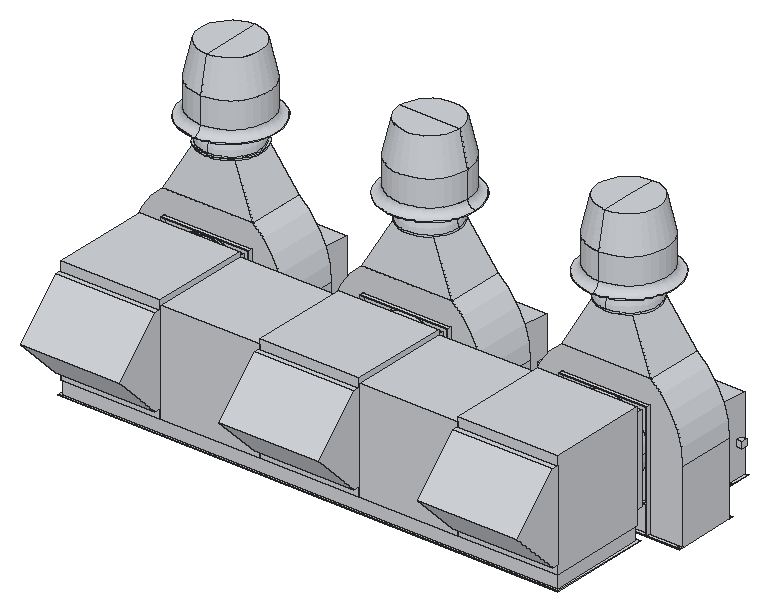
Revit family "Triple_CAVP_with_Mixing_Box", category Mechanical Equipment, Revit 2019 (continued)
Types (228): name | TRIP_Q | TRANSITION/2 | TRANSITION | RO2/2 | RO/2 | MB_P+MB_P+.5 | E/52*30 | E/2-H/2 | E-N-N-H | E-(NOZZLE_RAD/3*2) | TRIP_Q-4.5" | DUAL_Q+.25" | DUAL_Q | R-((B/2)+1.5") | R+((B/2)+1.5") | R*1.1 | R | MB_P-4.5" | MB_P+.25" | P | NOZZLE_WB_RAD-2" | NOZZLE_WB_RAD | NOZZLE_WB_OD | NOZZLE_WB/4 | NOZZLE_TOP_RAD | NOZZLE_TOP_OD | NOZZLE_SIZE | NOZZLE_HEIGHT/7*2 | NOZZLE_HEIGHT | NOZZLE_BOTTOM_RAD-3*2 | NOZZLE_BOTTOM_RAD | NOZZLE_BOTTOM_ID | MB_N-(D-J-K-L) | N+(H/2) | N | MB_Q | MB_P | MB_N | MB_HEIGHT/2 | MB_HEIGHT | MB_F | MB_A | M-(2*(D-L-K-J)) | M | L | K | J+K+L | J | HEIGHT | H/2 | H | F/2 | MB_F-3" | F | E/52*15 | E/2 | E | D-M | D-L-K-J | D | CLASS | C/2 | C | B/4 | B/2 | B | A/2 | A | Type Comments | -MB_P-.25 | -MB_P | -MB_HEIGHT | -(F-((F-H)/2))/2 | -((MB_Q / 2) + 1/8") | (NOZZLE_WB_OD - NOZZLE_TOP_OD) / 4 | (NOZZLE_HEIGHT - (NOZZLE_HEIGHT / 8 * 2)) / 2 | (MB_Q/2)+.125" | (MB_P/2-.125")-((F / 2) - 2") | (MB_P/2-.125")+((F / 2) - 2") | (MB_P/2)+.125" | (M - (2 * (D - L - K - J)))/2 | (F-((F-H)/2))/2 | (E/2)-(E/52*15) | (E/2)-((MB_P/2)+.125") | (E/2)-((B/2)+1.5") | (D-J-K-L)*2 | (B/2)-.125" | (B/2)+1.5" | ((M - (2 * (D - L - K - J))) / 2) + (TRANSITION / 2)
  Triple_402_CAVP-18H_CLASS_2_With_Mixing_Box | 280 3/4" | 9.05981" | 18.11961" | 138 1/8" | 25 3/4" | 112 1/2" | 49.0024" | 19 3/32" | 2" | 33.92708" | 276 1/4" | 168 5/8" | 168 3/8" | 15 29/32" | 64 3/32" | 44" | 40" | 51 1/2" | 56 1/4" | 19 1/2" | 19 1/2" | 21 1/2" | 43" | 8.6" | 13 3/4" | 27 1/2" | 18" | 12" | 48" | 6 13/16" | 12 13/16" | 25 5/8" | 12 3/16" | 40 15/32" | 17 3/32" | 56" | 56" | 13 9/16" | 32 1/4" | 64 1/2" | 12 5/8" | 171 1/16" | 31 1/2" | 34 1/4" | 36 1/2" | 21 7/8" | 70 7/8" | 12 1/2" | 77.09221" | 23 3/8" | 46 3/4" | 24 3/8" | 9 5/8" | 48 3/4" | 24.5012" | 42 15/32" | 84 15/16" | 38" | 1 3/8" | 72 1/4" | 2" | 50 3/8" | 100 3/4" | 11 19/64" | 22 19/32" | 45 3/16" | 89 3/8" | 178 3/4" | "Triple Vari-Plume Laboratory Exhaust Centrifugal Airfoil Class 2 Arr 10 With Mixing Box" | -56 1/4" | -56" | -64 1/2" | -22 3/8" | -28 1/8" | 3 7/8" | 18" | 28 1/8" | -5 1/2" | -50 1/4" | 28 1/8" | 15 3/4" | 22 3/8" | 17.96755" | 14 11/32" | 18 3/8" | 2 3/4" | 22 15/32" | 24 3/32" | 24.80981"
  Triple_402_CAVP-24L_CLASS_2_With_Mixing_Box | 280 3/4" | 12.28598" | 24.57196" | 138 1/8" | 25 3/4" | 112 1/2" | 49.0024" | 19 3/32" | 2" | 30.88542" | 276 1/4" | 168 5/8" | 168 3/8" | 15 29/32" | 64 3/32" | 44" | 40" | 51 1/2" | 56 1/4" | 19 1/2" | 28 1/2" | 30 1/2" | 61" | 12.2" | 18 1/4" | 36 1/2" | 24" | 15 1/2" | 62" | 11 3/8" | 17 3/8" | 34 3/4" | 11 1/4" | 40 15/32" | 17 3/32" | 56" | 56" | 12 5/8" | 32 1/4" | 64 1/2" | 12 5/8" | 171 1/16" | 31 1/2" | 34 1/4" | 36 1/2" | 21 7/8" | 70 7/8" | 12 1/2" | 77.09221" | 23 3/8" | 46 3/4" | 24 3/8" | 9 5/8" | 48 3/4" | 24.5012" | 42 15/32" | 84 15/16" | 38" | 1 3/8" | 72 1/4" | 2" | 50 3/8" | 100 3/4" | 11 19/64" | 22 19/32" | 45 3/16" | 89 3/8" | 178 3/4" | "Triple Vari-Plume Laboratory Exhaust Centrifugal Airfoil Class 2 Arr 10 With Mixing Box" | -56 1/4" | -56" | -64 1/2" | -22 3/8" | -28 1/8" | 6 1/8" | 23 1/4" | 28 1/8" | -5 1/2" | -50 1/4" | 28 1/8" | 15 3/4" | 22 3/8" | 17.96755" | 14 11/32" | 18 3/8" | 2 3/4" | 22 15/32" | 24 3/32" | 28.03598"
  Triple_402_CAVP-24H_CLASS_2_With_Mixing_Box | 280 3/4" | 12.28598" | 24.57196" | 138 1/8" | 25 3/4" | 112 1/2" | 49.0024" | 19 3/32" | 2" | 30.88542" | 276 1/4" | 168 5/8" | 168 3/8" | 15 29/32" | 64 3/32" | 44" | 40" | 51 1/2" | 56 1/4" | 19 1/2" | 28 1/2" | 30 1/2" | 61" | 12.2" | 18 1/4" | 36 1/2" | 24" | 15 1/2" | 62" | 11 3/8" | 17 3/8" | 34 3/4" | 12 3/16" | 40 15/32" | 17 3/32" | 56" | 56" | 13 9/16" | 32 1/4" | 64 1/2" | 12 5/8" | 171 1/16" | 31 1/2" | 34 1/4" | 36 1/2" | 21 7/8" | 70 7/8" | 12 1/2" | 77.09221" | 23 3/8" | 46 3/4" | 24 3/8" | 9 5/8" | 48 3/4" | 24.5012" | 42 15/32" | 84 15/16" | 38" | 1 3/8" | 72 1/4" | 2" | 50 3/8" | 100 3/4" | 11 19/64" | 22 19/32" | 45 3/16" | 89 3/8" | 178 3/4" | "Triple Vari-Plume Laboratory Exhaust Centrifugal Airfoil Class 2 Arr 10 With Mixing Box" | -56 1/4" | -56" | -64 1/2" | -22 3/8" | -28 1/8" | 6 1/8" | 23 1/4" | 28 1/8" | -5 1/2" | -50 1/4" | 28 1/8" | 15 3/4" | 22 3/8" | 17.96755" | 14 11/32" | 18 3/8" | 2 3/4" | 22 15/32" | 24 3/32" | 28.03598"
  Triple_402_CAVP-30L_CLASS_2_With_Mixing_Box | 280 3/4" | 15.02602" | 30.05204" | 138 1/8" | 25 3/4" | 112 1/2" | 49.0024" | 19 3/32" | 2" | 28.30208" | 276 1/4" | 168 5/8" | 168 3/8" | 15 29/32" | 64 3/32" | 44" | 40" | 51 1/2" | 56 1/4" | 19 1/2" | 35" | 37" | 74" | 14.8" | 22 3/4" | 45 1/2" | 30" | 19 1/2" | 78" | 15 1/4" | 21 1/4" | 42 1/2" | 12 3/16" | 40 15/32" | 17 3/32" | 56" | 56" | 13 9/16" | 32 1/4" | 64 1/2" | 12 5/8" | 171 1/16" | 31 1/2" | 34 1/4" | 36 1/2" | 21 7/8" | 70 7/8" | 12 1/2" | 77.09221" | 23 3/8" | 46 3/4" | 24 3/8" | 9 5/8" | 48 3/4" | 24.5012" | 42 15/32" | 84 15/16" | 38" | 1 3/8" | 72 1/4" | 2" | 50 3/8" | 100 3/4" | 11 19/64" | 22 19/32" | 45 3/16" | 89 3/8" | 178 3/4" | "Triple Vari-Plume Laboratory Exhaust Centrifugal Airfoil Class 2 Arr 10 With Mixing Box" | -56 1/4" | -56" | -64 1/2" | -22 3/8" | -28 1/8" | 7 1/8" | 29 1/4" | 28 1/8" | -5 1/2" | -50 1/4" | 28 1/8" | 15 3/4" | 22 3/8" | 17.96755" | 14 11/32" | 18 3/8" | 2 3/4" | 22 15/32" | 24 3/32" | 30.77602"
  Triple_402_CAVP-30H_CLASS_2_With_Mixing_Box | 280 3/4" | 15.02602" | 30.05204" | 138 1/8" | 25 3/4" | 112 1/2" | 49.0024" | 19 3/32" | 2" | 28.30208" | 276 1/4" | 168 5/8" | 168 3/8" | 15 29/32" | 64 3/32" | 44" | 40" | 51 1/2" | 56 1/4" | 19 1/2" | 35" | 37" | 74" | 14.8" | 22 3/4" | 45 1/2" | 30" | 19 1/2" | 78" | 15 1/4" | 21 1/4" | 42 1/2" | 12 3/16" | 40 15/32" | 17 3/32" | 56" | 56" | 13 9/16" | 32 1/4" | 64 1/2" | 12 5/8" | 171 1/16" | 31 1/2" | 34 1/4" | 36 1/2" | 21 7/8" | 70 7/8" | 12 1/2" | 77.09221" | 23 3/8" | 46 3/4" | 24 3/8" | 9 5/8" | 48 3/4" | 24.5012" | 42 15/32" | 84 15/16" | 38" | 1 3/8" | 72 1/4" | 2" | 50 3/8" | 100 3/4" | 11 19/64" | 22 19/32" | 45 3/16" | 89 3/8" | 178 3/4" | "Triple Vari-Plume Laboratory Exhaust Centrifugal Airfoil Class 2 Arr 10 With Mixing Box" | -56 1/4" | -56" | -64 1/2" | -22 3/8" | -28 1/8" | 7 1/8" | 29 1/4" | 28 1/8" | -5 1/2" | -50 1/4" | 28 1/8" | 15 3/4" | 22 3/8" | 17.96755" | 14 11/32" | 18 3/8" | 2 3/4" | 22 15/32" | 24 3/32" | 30.77602"
  Triple_445_CAVP-24H_CLASS_1_With_Mixing_Box | 300 3/4" | 12.28598" | 24.57196" | 148 1/8" | 27 3/4" | 120 1/2" | 54.05048" | 21 15/32" | 2" | 35.26042" | 296 1/4" | 180 5/8" | 180 3/8" | 17 25/32" | 70 7/32" | 48.4" | 44" | 55 1/2" | 60 1/4" | 18 1/4" | 28 1/2" | 30 1/2" | 61" | 12.2" | 18 1/4" | 36 1/2" | 24" | 15 1/2" | 62" | 11 3/8" | 17 3/8" | 34 3/4" | 12 3/16" | 44 27/32" | 19 15/32" | 60" | 60" | 13 9/16" | 34 7/8" | 69 3/4" | 14 1/2" | 186 3/16" | 34 3/4" | 37 1/2" | 39 3/4" | 25 7/8" | 78 5/8" | 13" | 84.91333" | 25 3/8" | 50 3/4" | 26 3/8" | 11 1/2" | 52 3/4" | 27.02524" | 46 27/32" | 93 11/16" | 42 1/2" | 1 3/8" | 80" | 1" | 56 7/16" | 112 7/8" | 12 23/64" | 24 23/32" | 49 7/16" | 95 7/16" | 190 7/8" | "Triple Vari-Plume Laboratory Exhaust Centrifugal Airfoil Class 1 Arr 10 With Mixing Box" | -60 1/4" | -60" | -69 3/4" | -24 3/8" | -30 1/8" | 6 1/8" | 23 1/4" | 30 1/8" | -5 1/2" | -54 1/4" | 30 1/8" | 17 3/8" | 24 3/8" | 19.81851" | 16 23/32" | 20 5/8" | 2 3/4" | 24 19/32" | 26 7/32" | 29.66098"
  Triple_445_CAVP-24L_CLASS_1_With_Mixing_Box | 300 3/4" | 12.28598" | 24.57196" | 148 1/8" | 27 3/4" | 120 1/2" | 54.05048" | 21 15/32" | 2" | 35.26042" | 296 1/4" | 180 5/8" | 180 3/8" | 17 25/32" | 70 7/32" | 48.4" | 44" | 55 1/2" | 60 1/4" | 18 1/4" | 28 1/2" | 30 1/2" | 61" | 12.2" | 18 1/4" | 36 1/2" | 24" | 15 1/2" | 62" | 11 3/8" | 17 3/8" | 34 3/4" | 12 3/16" | 44 27/32" | 19 15/32" | 60" | 60" | 13 9/16" | 34 7/8" | 69 3/4" | 14 1/2" | 186 3/16" | 34 3/4" | 37 1/2" | 39 3/4" | 25 7/8" | 78 5/8" | 13" | 84.91333" | 25 3/8" | 50 3/4" | 26 3/8" | 11 1/2" | 52 3/4" | 27.02524" | 46 27/32" | 93 11/16" | 42 1/2" | 1 3/8" | 80" | 1" | 56 7/16" | 112 7/8" | 12 23/64" | 24 23/32" | 49 7/16" | 95 7/16" | 190 7/8" | "Triple Vari-Plume Laboratory Exhaust Centrifugal Airfoil Class 1 Arr 10 With Mixing Box" | -60 1/4" | -60" | -69 3/4" | -24 3/8" | -30 1/8" | 6 1/8" | 23 1/4" | 30 1/8" | -5 1/2" | -54 1/4" | 30 1/8" | 17 3/8" | 24 3/8" | 19.81851" | 16 23/32" | 20 5/8" | 2 3/4" | 24 19/32" | 26 7/32" | 29.66098"
  Triple_445_CAVP-30H_CLASS_1_With_Mixing_Box | 300 3/4" | 15.02602" | 30.05204" | 148 1/8" | 27 3/4" | 120 1/2" | 54.05048" | 21 15/32" | 2" | 32.67708" | 296 1/4" | 180 5/8" | 180 3/8" | 17 25/32" | 70 7/32" | 48.4" | 44" | 55 1/2" | 60 1/4" | 18 1/4" | 35" | 37" | 74" | 14.8" | 22 3/4" | 45 1/2" | 30" | 19 1/2" | 78" | 15 1/4" | 21 1/4" | 42 1/2" | 12 3/16" | 44 27/32" | 19 15/32" | 60" | 60" | 13 9/16" | 34 7/8" | 69 3/4" | 14 1/2" | 186 3/16" | 34 3/4" | 37 1/2" | 39 3/4" | 25 7/8" | 78 5/8" | 13" | 84.91333" | 25 3/8" | 50 3/4" | 26 3/8" | 11 1/2" | 52 3/4" | 27.02524" | 46 27/32" | 93 11/16" | 42 1/2" | 1 3/8" | 80" | 1" | 56 7/16" | 112 7/8" | 12 23/64" | 24 23/32" | 49 7/16" | 95 7/16" | 190 7/8" | "Triple Vari-Plume Laboratory Exhaust Centrifugal Airfoil Class 1 Arr 10 With Mixing Box" | -60 1/4" | -60" | -69 3/4" | -24 3/8" | -30 1/8" | 7 1/8" | 29 1/4" | 30 1/8" | -5 1/2" | -54 1/4" | 30 1/8" | 17 3/8" | 24 3/8" | 19.81851" | 16 23/32" | 20 5/8" | 2 3/4" | 24 19/32" | 26 7/32" | 32.40102"
  Triple_445_CAVP-30L_CLASS_1_With_Mixing_Box | 300 3/4" | 15.02602" | 30.05204" | 148 1/8" | 27 3/4" | 120 1/2" | 54.05048" | 21 15/32" | 2" | 32.67708" | 296 1/4" | 180 5/8" | 180 3/8" | 17 25/32" | 70 7/32" | 48.4" | 44" | 55 1/2" | 60 1/4" | 18 1/4" | 35" | 37" | 74" | 14.8" | 22 3/4" | 45 1/2" | 30" | 19 1/2" | 78" | 15 1/4" | 21 1/4" | 42 1/2" | 12 3/16" | 44 27/32" | 19 15/32" | 60" | 60" | 13 9/16" | 34 7/8" | 69 3/4" | 14 1/2" | 186 3/16" | 34 3/4" | 37 1/2" | 39 3/4" | 25 7/8" | 78 5/8" | 13" | 84.91333" | 25 3/8" | 50 3/4" | 26 3/8" | 11 1/2" | 52 3/4" | 27.02524" | 46 27/32" | 93 11/16" | 42 1/2" | 1 3/8" | 80" | 1" | 56 7/16" | 112 7/8" | 12 23/64" | 24 23/32" | 49 7/16" | 95 7/16" | 190 7/8" | "Triple Vari-Plume Laboratory Exhaust Centrifugal Airfoil Class 1 Arr 10 With Mixing Box" | -60 1/4" | -60" | -69 3/4" | -24 3/8" | -30 1/8" | 7 1/8" | 29 1/4" | 30 1/8" | -5 1/2" | -54 1/4" | 30 1/8" | 17 3/8" | 24 3/8" | 19.81851" | 16 23/32" | 20 5/8" | 2 3/4" | 24 19/32" | 26 7/32" | 32.40102"
  Triple_445_CAVP-24H_CLASS_2_With_Mixing_Box | 300 3/4" | 12.28598" | 24.57196" | 148 1/8" | 27 3/4" | 120 1/2" | 54.05048" | 21 15/32" | 2" | 35.26042" | 296 1/4" | 180 5/8" | 180 3/8" | 17 25/32" | 70 7/32" | 48.4" | 44" | 55 1/2" | 60 1/4" | 19 1/2" | 28 1/2" | 30 1/2" | 61" | 12.2" | 18 1/4" | 36 1/2" | 24" | 15 1/2" | 62" | 11 3/8" | 17 3/8" | 34 3/4" | 12 3/16" | 44 27/32" | 19 15/32" | 60" | 60" | 13 9/16" | 34 7/8" | 69 3/4" | 14 1/2" | 186 3/16" | 34 3/4" | 37 1/2" | 39 3/4" | 25 7/8" | 78 5/8" | 13" | 84.91333" | 25 3/8" | 50 3/4" | 26 3/8" | 11 1/2" | 52 3/4" | 27.02524" | 46 27/32" | 93 11/16" | 42 1/2" | 1 3/8" | 80" | 2" | 56 7/16" | 112 7/8" | 12 23/64" | 24 23/32" | 49 7/16" | 95 7/16" | 190 7/8" | "Triple Vari-Plume Laboratory Exhaust Centrifugal Airfoil Class 2 Arr 10 With Mixing Box" | -60 1/4" | -60" | -69 3/4" | -24 3/8" | -30 1/8" | 6 1/8" | 23 1/4" | 30 1/8" | -5 1/2" | -54 1/4" | 30 1/8" | 17 3/8" | 24 3/8" | 19.81851" | 16 23/32" | 20 5/8" | 2 3/4" | 24 19/32" | 26 7/32" | 29.66098"
  Triple_445_CAVP-24L_CLASS_2_With_Mixing_Box | 300 3/4" | 12.28598" | 24.57196" | 148 1/8" | 27 3/4" | 120 1/2" | 54.05048" | 21 15/32" | 2" | 35.26042" | 296 1/4" | 180 5/8" | 180 3/8" | 17 25/32" | 70 7/32" | 48.4" | 44" | 55 1/2" | 60 1/4" | 19 1/2" | 28 1/2" | 30 1/2" | 61" | 12.2" | 18 1/4" | 36 1/2" | 24" | 15 1/2" | 62" | 11 3/8" | 17 3/8" | 34 3/4" | 11 3/16" | 44 27/32" | 19 15/32" | 60" | 60" | 12 9/16" | 34 7/8" | 69 3/4" | 14 1/2" | 186 3/16" | 34 3/4" | 37 1/2" | 39 3/4" | 25 7/8" | 78 5/8" | 13" | 84.91333" | 25 3/8" | 50 3/4" | 26 3/8" | 11 1/2" | 52 3/4" | 27.02524" | 46 27/32" | 93 11/16" | 42 1/2" | 1 3/8" | 80" | 2" | 56 7/16" | 112 7/8" | 12 23/64" | 24 23/32" | 49 7/16" | 95 7/16" | 190 7/8" | "Triple Vari-Plume Laboratory Exhaust Centrifugal Airfoil Class 2 Arr 10 With Mixing Box" | -60 1/4" | -60" | -69 3/4" | -24 3/8" | -30 1/8" | 6 1/8" | 23 1/4" | 30 1/8" | -5 1/2" | -54 1/4" | 30 1/8" | 17 3/8" | 24 3/8" | 19.81851" | 16 23/32" | 20 5/8" | 2 3/4" | 24 19/32" | 26 7/32" | 29.66098"
  Triple_445_CAVP-30H_CLASS_2_With_Mixing_Box | 300 3/4" | 15.02602" | 30.05204" | 148 1/8" | 27 3/4" | 120 1/2" | 54.05048" | 21 15/32" | 2" | 32.67708" | 296 1/4" | 180 5/8" | 180 3/8" | 17 25/32" | 70 7/32" | 48.4" | 44" | 55 1/2" | 60 1/4" | 19 1/2" | 35" | 37" | 74" | 14.8" | 22 3/4" | 45 1/2" | 30" | 19 1/2" | 78" | 15 1/4" | 21 1/4" | 42 1/2" | 12 3/16" | 44 27/32" | 19 15/32" | 60" | 60" | 13 9/16" | 34 7/8" | 69 3/4" | 14 1/2" | 186 3/16" | 34 3/4" | 37 1/2" | 39 3/4" | 25 7/8" | 78 5/8" | 13" | 84.91333" | 25 3/8" | 50 3/4" | 26 3/8" | 11 1/2" | 52 3/4" | 27.02524" | 46 27/32" | 93 11/16" | 42 1/2" | 1 3/8" | 80" | 2" | 56 7/16" | 112 7/8" | 12 23/64" | 24 23/32" | 49 7/16" | 95 7/16" | 190 7/8" | "Triple Vari-Plume Laboratory Exhaust Centrifugal Airfoil Class 2 Arr 10 With Mixing Box" | -60 1/4" | -60" | -69 3/4" | -24 3/8" | -30 1/8" | 7 1/8" | 29 1/4" | 30 1/8" | -5 1/2" | -54 1/4" | 30 1/8" | 17 3/8" | 24 3/8" | 19.81851" | 16 23/32" | 20 5/8" | 2 3/4" | 24 19/32" | 26 7/32" | 32.40102"
  Triple_445_CAVP-30L_CLASS_2_With_Mixing_Box | 300 3/4" | 15.02602" | 30.05204" | 148 1/8" | 27 3/4" | 120 1/2" | 54.05048" | 21 15/32" | 2" | 32.67708" | 296 1/4" | 180 5/8" | 180 3/8" | 17 25/32" | 70 7/32" | 48.4" | 44" | 55 1/2" | 60 1/4" | 19 1/2" | 35" | 37" | 74" | 14.8" | 22 3/4" | 45 1/2" | 30" | 19 1/2" | 78" | 15 1/4" | 21 1/4" | 42 1/2" | 12 3/16" | 44 27/32" | 19 15/32" | 60" | 60" | 13 9/16" | 34 7/8" | 69 3/4" | 14 1/2" | 186 3/16" | 34 3/4" | 37 1/2" | 39 3/4" | 25 7/8" | 78 5/8" | 13" | 84.91333" | 25 3/8" | 50 3/4" | 26 3/8" | 11 1/2" | 52 3/4" | 27.02524" | 46 27/32" | 93 11/16" | 42 1/2" | 1 3/8" | 80" | 2" | 56 7/16" | 112 7/8" | 12 23/64" | 24 23/32" | 49 7/16" | 95 7/16" | 190 7/8" | "Triple Vari-Plume Laboratory Exhaust Centrifugal Airfoil Class 2 Arr 10 With Mixing Box" | -60 1/4" | -60" | -69 3/4" | -24 3/8" | -30 1/8" | 7 1/8" | 29 1/4" | 30 1/8" | -5 1/2" | -54 1/4" | 30 1/8" | 17 3/8" | 24 3/8" | 19.81851" | 16 23/32" | 20 5/8" | 2 3/4" | 24 19/32" | 26 7/32" | 32.40102"
  Triple_490_CAVP-24H_CLASS_1_With_Mixing_Box | 330 3/4" | 12.28598" | 24.57196" | 163 1/8" | 30 3/4" | 132 1/2" | 59.38702" | 22 5/8" | 2" | 39.88542" | 326 1/4" | 198 5/8" | 198 3/8" | 19" | 77" | 52.8" | 48" | 61 1/2" | 66 1/4" | 18 1/2" | 28 1/2" | 30 1/2" | 61" | 12.2" | 18 1/4" | 36 1/2" | 24" | 15 1/2" | 62" | 11 3/8" | 17 3/8" | 34 3/4" | 12 3/16" | 49 15/32" | 20 5/8" | 66" | 66" | 13 9/16" | 35 3/8" | 70 3/4" | 15 3/4" | 191 7/8" | 38 3/16" | 40 15/16" | 43 3/16" | 21 7/8" | 78 9/16" | 13 1/2" | 92.95281" | 28 27/32" | 57 11/16" | 29 27/32" | 12 3/4" | 59 11/16" | 29.69351" | 51 15/32" | 102 15/16" | 39" | 1 3/8" | 79 15/16" | 1" | 61 17/32" | 123 1/16" | 13 3/4" | 27 1/2" | 55" | 108 29/32" | 217 13/16" | "Triple Vari-Plume Laboratory Exhaust Centrifugal Airfoil Class 1 Arr 10 With Mixing Box" | -66 1/4" | -66" | -70 3/4" | -27 27/32" | -33 1/8" | 6 1/8" | 23 1/4" | 33 1/8" | -5 1/32" | -60 23/32" | 33 1/8" | 19 3/32" | 27 27/32" | 21.77524" | 18 11/32" | 22 15/32" | 2 3/4" | 27 3/8" | 29" | 31.37973"
  Triple_490_CAVP-24L_CLASS_1_With_Mixing_Box | 330 3/4" | 12.28598" | 24.57196" | 163 1/8" | 30 3/4" | 132 1/2" | 59.38702" | 22 5/8" | 2" | 39.88542" | 326 1/4" | 198 5/8" | 198 3/8" | 19" | 77" | 52.8" | 48" | 61 1/2" | 66 1/4" | 18 1/2" | 28 1/2" | 30 1/2" | 61" | 12.2" | 18 1/4" | 36 1/2" | 24" | 15 1/2" | 62" | 11 3/8" | 17 3/8" | 34 3/4" | 12 3/16" | 49 15/32" | 20 5/8" | 66" | 66" | 13 9/16" | 35 3/8" | 70 3/4" | 15 3/4" | 191 7/8" | 38 3/16" | 40 15/16" | 43 3/16" | 21 7/8" | 78 9/16" | 13 1/2" | 92.95281" | 28 27/32" | 57 11/16" | 29 27/32" | 12 3/4" | 59 11/16" | 29.69351" | 51 15/32" | 102 15/16" | 39" | 1 3/8" | 79 15/16" | 1" | 61 17/32" | 123 1/16" | 13 3/4" | 27 1/2" | 55" | 108 29/32" | 217 13/16" | "Triple Vari-Plume Laboratory Exhaust Centrifugal Airfoil Class 1 Arr 10 With Mixing Box" | -66 1/4" | -66" | -70 3/4" | -27 27/32" | -33 1/8" | 6 1/8" | 23 1/4" | 33 1/8" | -5 1/32" | -60 23/32" | 33 1/8" | 19 3/32" | 27 27/32" | 21.77524" | 18 11/32" | 22 15/32" | 2 3/4" | 27 3/8" | 29" | 31.37973"
  Triple_490_CAVP-30H_CLASS_1_With_Mixing_Box | 330 3/4" | 15.02602" | 30.05204" | 163 1/8" | 30 3/4" | 132 1/2" | 59.38702" | 22 5/8" | 2" | 37.30208" | 326 1/4" | 198 5/8" | 198 3/8" | 19" | 77" | 52.8" | 48" | 61 1/2" | 66 1/4" | 18 1/2" | 35" | 37" | 74" | 14.8" | 22 3/4" | 45 1/2" | 30" | 19 1/2" | 78" | 15 1/4" | 21 1/4" | 42 1/2" | 12 3/16" | 49 15/32" | 20 5/8" | 66" | 66" | 13 9/16" | 35 3/8" | 70 3/4" | 15 3/4" | 191 7/8" | 38 3/16" | 40 15/16" | 43 3/16" | 21 7/8" | 78 9/16" | 13 1/2" | 92.95281" | 28 27/32" | 57 11/16" | 29 27/32" | 12 3/4" | 59 11/16" | 29.69351" | 51 15/32" | 102 15/16" | 39" | 1 3/8" | 79 15/16" | 1" | 61 17/32" | 123 1/16" | 13 3/4" | 27 1/2" | 55" | 108 29/32" | 217 13/16" | "Triple Vari-Plume Laboratory Exhaust Centrifugal Airfoil Class 1 Arr 10 With Mixing Box" | -66 1/4" | -66" | -70 3/4" | -27 27/32" | -33 1/8" | 7 1/8" | 29 1/4" | 33 1/8" | -5 1/32" | -60 23/32" | 33 1/8" | 19 3/32" | 27 27/32" | 21.77524" | 18 11/32" | 22 15/32" | 2 3/4" | 27 3/8" | 29" | 34.11977"
  Triple_490_CAVP-30L_CLASS_1_With_Mixing_Box | 330 3/4" | 15.02602" | 30.05204" | 163 1/8" | 30 3/4" | 132 1/2" | 59.38702" | 22 5/8" | 2" | 37.30208" | 326 1/4" | 198 5/8" | 198 3/8" | 19" | 77" | 52.8" | 48" | 61 1/2" | 66 1/4" | 18 1/2" | 35" | 37" | 74" | 14.8" | 22 3/4" | 45 1/2" | 30" | 19 1/2" | 78" | 15 1/4" | 21 1/4" | 42 1/2" | 12 3/16" | 49 15/32" | 20 5/8" | 66" | 66" | 13 9/16" | 35 3/8" | 70 3/4" | 15 3/4" | 191 7/8" | 38 3/16" | 40 15/16" | 43 3/16" | 21 7/8" | 78 9/16" | 13 1/2" | 92.95281" | 28 27/32" | 57 11/16" | 29 27/32" | 12 3/4" | 59 11/16" | 29.69351" | 51 15/32" | 102 15/16" | 39" | 1 3/8" | 79 15/16" | 1" | 61 17/32" | 123 1/16" | 13 3/4" | 27 1/2" | 55" | 108 29/32" | 217 13/16" | "Triple Vari-Plume Laboratory Exhaust Centrifugal Airfoil Class 1 Arr 10 With Mixing Box" | -66 1/4" | -66" | -70 3/4" | -27 27/32" | -33 1/8" | 7 1/8" | 29 1/4" | 33 1/8" | -5 1/32" | -60 23/32" | 33 1/8" | 19 3/32" | 27 27/32" | 21.77524" | 18 11/32" | 22 15/32" | 2 3/4" | 27 3/8" | 29" | 34.11977"
  Triple_490_CAVP-36H_CLASS_1_With_Mixing_Box | 330 3/4" | 18.29639" | 36.59278" | 163 1/8" | 30 3/4" | 132 1/2" | 59.38702" | 22 5/8" | 2" | 34 7/32" | 326 1/4" | 198 5/8" | 198 3/8" | 19" | 77" | 52.8" | 48" | 61 1/2" | 66 1/4" | 18 1/2" | 43" | 45" | 90" | 18" | 29" | 58" | 36" | 23 3/4" | 95" | 19 7/8" | 25 7/8" | 51 3/4" | 12 3/16" | 49 15/32" | 20 5/8" | 66" | 66" | 13 9/16" | 35 3/8" | 70 3/4" | 15 3/4" | 191 7/8" | 38 3/16" | 40 15/16" | 43 3/16" | 21 7/8" | 78 9/16" | 13 1/2" | 92.95281" | 28 27/32" | 57 11/16" | 29 27/32" | 12 3/4" | 59 11/16" | 29.69351" | 51 15/32" | 102 15/16" | 39" | 1 3/8" | 79 15/16" | 1" | 61 17/32" | 123 1/16" | 13 3/4" | 27 1/2" | 55" | 108 29/32" | 217 13/16" | "Triple Vari-Plume Laboratory Exhaust Centrifugal Airfoil Class 1 Arr 10 With Mixing Box" | -66 1/4" | -66" | -70 3/4" | -27 27/32" | -33 1/8" | 8" | 35 5/8" | 33 1/8" | -5 1/32" | -60 23/32" | 33 1/8" | 19 3/32" | 27 27/32" | 21.77524" | 18 11/32" | 22 15/32" | 2 3/4" | 27 3/8" | 29" | 37.39014"
  Triple_490_CAVP-36L_CLASS_1_With_Mixing_Box | 330 3/4" | 18.29639" | 36.59278" | 163 1/8" | 30 3/4" | 132 1/2" | 59.38702" | 22 5/8" | 2" | 34 7/32" | 326 1/4" | 198 5/8" | 198 3/8" | 19" | 77" | 52.8" | 48" | 61 1/2" | 66 1/4" | 18 1/2" | 43" | 45" | 90" | 18" | 29" | 58" | 36" | 23 3/4" | 95" | 19 7/8" | 25 7/8" | 51 3/4" | 12 3/16" | 49 15/32" | 20 5/8" | 66" | 66" | 13 9/16" | 35 3/8" | 70 3/4" | 15 3/4" | 191 7/8" | 38 3/16" | 40 15/16" | 43 3/16" | 21 7/8" | 78 9/16" | 13 1/2" | 92.95281" | 28 27/32" | 57 11/16" | 29 27/32" | 12 3/4" | 59 11/16" | 29.69351" | 51 15/32" | 102 15/16" | 39" | 1 3/8" | 79 15/16" | 1" | 61 17/32" | 123 1/16" | 13 3/4" | 27 1/2" | 55" | 108 29/32" | 217 13/16" | "Triple Vari-Plume Laboratory Exhaust Centrifugal Airfoil Class 1 Arr 10 With Mixing Box" | -66 1/4" | -66" | -70 3/4" | -27 27/32" | -33 1/8" | 8" | 35 5/8" | 33 1/8" | -5 1/32" | -60 23/32" | 33 1/8" | 19 3/32" | 27 27/32" | 21.77524" | 18 11/32" | 22 15/32" | 2 3/4" | 27 3/8" | 29" | 37.39014"
  Triple_490_CAVP-24H_CLASS_2_With_Mixing_Box | 330 3/4" | 12.28598" | 24.57196" | 163 1/8" | 30 3/4" | 132 1/2" | 59.38702" | 22 5/8" | 2" | 39.88542" | 326 1/4" | 198 5/8" | 198 3/8" | 19" | 77" | 52.8" | 48" | 61 1/2" | 66 1/4" | 21 7/8" | 28 1/2" | 30 1/2" | 61" | 12.2" | 18 1/4" | 36 1/2" | 24" | 15 1/2" | 62" | 11 3/8" | 17 3/8" | 34 3/4" | 12 3/16" | 49 15/32" | 20 5/8" | 66" | 66" | 13 9/16" | 35 3/8" | 70 3/4" | 15 3/4" | 195 7/8" | 38 3/16" | 40 15/16" | 43 3/16" | 25 7/8" | 82 9/16" | 13 1/2" | 92.95281" | 28 27/32" | 57 11/16" | 29 27/32" | 12 3/4" | 59 11/16" | 29.69351" | 51 15/32" | 102 15/16" | 43" | 1 3/8" | 83 15/16" | 2" | 61 17/32" | 123 1/16" | 13 3/4" | 27 1/2" | 55" | 108 29/32" | 217 13/16" | "Triple Vari-Plume Laboratory Exhaust Centrifugal Airfoil Class 2 Arr 10 With Mixing Box" | -66 1/4" | -66" | -70 3/4" | -27 27/32" | -33 1/8" | 6 1/8" | 23 1/4" | 33 1/8" | -5 1/32" | -60 23/32" | 33 1/8" | 19 3/32" | 27 27/32" | 21.77524" | 18 11/32" | 22 15/32" | 2 3/4" | 27 3/8" | 29" | 31.37973"
  Triple_490_CAVP-24L_CLASS_2_With_Mixing_Box | 330 3/4" | 12.28598" | 24.57196" | 163 1/8" | 30 3/4" | 132 1/2" | 59.38702" | 22 5/8" | 2" | 39.88542" | 326 1/4" | 198 5/8" | 198 3/8" | 19" | 77" | 52.8" | 48" | 61 1/2" | 66 1/4" | 21 7/8" | 28 1/2" | 30 1/2" | 61" | 12.2" | 18 1/4" | 36 1/2" | 24" | 15 1/2" | 62" | 11 3/8" | 17 3/8" | 34 3/4" | 12 3/16" | 49 15/32" | 20 5/8" | 66" | 66" | 13 9/16" | 35 3/8" | 70 3/4" | 15 3/4" | 195 7/8" | 38 3/16" | 40 15/16" | 43 3/16" | 25 7/8" | 82 9/16" | 13 1/2" | 92.95281" | 28 27/32" | 57 11/16" | 29 27/32" | 12 3/4" | 59 11/16" | 29.69351" | 51 15/32" | 102 15/16" | 43" | 1 3/8" | 83 15/16" | 2" | 61 17/32" | 123 1/16" | 13 3/4" | 27 1/2" | 55" | 108 29/32" | 217 13/16" | "Triple Vari-Plume Laboratory Exhaust Centrifugal Airfoil Class 2 Arr 10 With Mixing Box" | -66 1/4" | -66" | -70 3/4" | -27 27/32" | -33 1/8" | 6 1/8" | 23 1/4" | 33 1/8" | -5 1/32" | -60 23/32" | 33 1/8" | 19 3/32" | 27 27/32" | 21.77524" | 18 11/32" | 22 15/32" | 2 3/4" | 27 3/8" | 29" | 31.37973"
  Triple_490_CAVP-30H_CLASS_2_With_Mixing_Box | 330 3/4" | 15.02602" | 30.05204" | 163 1/8" | 30 3/4" | 132 1/2" | 59.38702" | 22 5/8" | 2" | 37.30208" | 326 1/4" | 198 5/8" | 198 3/8" | 19" | 77" | 52.8" | 48" | 61 1/2" | 66 1/4" | 21 7/8" | 35" | 37" | 74" | 14.8" | 22 3/4" | 45 1/2" | 30" | 19 1/2" | 78" | 15 1/4" | 21 1/4" | 42 1/2" | 12 3/16" | 49 15/32" | 20 5/8" | 66" | 66" | 13 9/16" | 35 3/8" | 70 3/4" | 15 3/4" | 195 7/8" | 38 3/16" | 40 15/16" | 43 3/16" | 25 7/8" | 82 9/16" | 13 1/2" | 92.95281" | 28 27/32" | 57 11/16" | 29 27/32" | 12 3/4" | 59 11/16" | 29.69351" | 51 15/32" | 102 15/16" | 43" | 1 3/8" | 83 15/16" | 2" | 61 17/32" | 123 1/16" | 13 3/4" | 27 1/2" | 55" | 108 29/32" | 217 13/16" | "Triple Vari-Plume Laboratory Exhaust Centrifugal Airfoil Class 2 Arr 10 With Mixing Box" | -66 1/4" | -66" | -70 3/4" | -27 27/32" | -33 1/8" | 7 1/8" | 29 1/4" | 33 1/8" | -5 1/32" | -60 23/32" | 33 1/8" | 19 3/32" | 27 27/32" | 21.77524" | 18 11/32" | 22 15/32" | 2 3/4" | 27 3/8" | 29" | 34.11977"
  Triple_490_CAVP-30L_CLASS_2_With_Mixing_Box | 330 3/4" | 15.02602" | 30.05204" | 163 1/8" | 30 3/4" | 132 1/2" | 59.38702" | 22 5/8" | 2" | 37.30208" | 326 1/4" | 198 5/8" | 198 3/8" | 19" | 77" | 52.8" | 48" | 61 1/2" | 66 1/4" | 21 7/8" | 35" | 37" | 74" | 14.8" | 22 3/4" | 45 1/2" | 30" | 19 1/2" | 78" | 15 1/4" | 21 1/4" | 42 1/2" | 12 3/16" | 49 15/32" | 20 5/8" | 66" | 66" | 13 9/16" | 35 3/8" | 70 3/4" | 15 3/4" | 195 7/8" | 38 3/16" | 40 15/16" | 43 3/16" | 25 7/8" | 82 9/16" | 13 1/2" | 92.95281" | 28 27/32" | 57 11/16" | 29 27/32" | 12 3/4" | 59 11/16" | 29.69351" | 51 15/32" | 102 15/16" | 43" | 1 3/8" | 83 15/16" | 2" | 61 17/32" | 123 1/16" | 13 3/4" | 27 1/2" | 55" | 108 29/32" | 217 13/16" | "Triple Vari-Plume Laboratory Exhaust Centrifugal Airfoil Class 2 Arr 10 With Mixing Box" | -66 1/4" | -66" | -70 3/4" | -27 27/32" | -33 1/8" | 7 1/8" | 29 1/4" | 33 1/8" | -5 1/32" | -60 23/32" | 33 1/8" | 19 3/32" | 27 27/32" | 21.77524" | 18 11/32" | 22 15/32" | 2 3/4" | 27 3/8" | 29" | 34.11977"
  Triple_490_CAVP-36H_CLASS_2_With_Mixing_Box | 330 3/4" | 18.29639" | 36.59278" | 163 1/8" | 30 3/4" | 132 1/2" | 59.38702" | 22 5/8" | 2" | 34 7/32" | 326 1/4" | 198 5/8" | 198 3/8" | 19" | 77" | 52.8" | 48" | 61 1/2" | 66 1/4" | 21 7/8" | 43" | 45" | 90" | 18" | 29" | 58" | 36" | 23 3/4" | 95" | 19 7/8" | 25 7/8" | 51 3/4" | 12 3/16" | 49 15/32" | 20 5/8" | 66" | 66" | 13 9/16" | 35 3/8" | 70 3/4" | 15 3/4" | 195 7/8" | 38 3/16" | 40 15/16" | 43 3/16" | 25 7/8" | 82 9/16" | 13 1/2" | 92.95281" | 28 27/32" | 57 11/16" | 29 27/32" | 12 3/4" | 59 11/16" | 29.69351" | 51 15/32" | 102 15/16" | 43" | 1 3/8" | 83 15/16" | 2" | 61 17/32" | 123 1/16" | 13 3/4" | 27 1/2" | 55" | 108 29/32" | 217 13/16" | "Triple Vari-Plume Laboratory Exhaust Centrifugal Airfoil Class 2 Arr 10 With Mixing Box" | -66 1/4" | -66" | -70 3/4" | -27 27/32" | -33 1/8" | 8" | 35 5/8" | 33 1/8" | -5 1/32" | -60 23/32" | 33 1/8" | 19 3/32" | 27 27/32" | 21.77524" | 18 11/32" | 22 15/32" | 2 3/4" | 27 3/8" | 29" | 37.39014"
  Triple_490_CAVP-36L_CLASS_2_With_Mixing_Box | 330 3/4" | 18.29639" | 36.59278" | 163 1/8" | 30 3/4" | 132 1/2" | 59.38702" | 22 5/8" | 2" | 34 7/32" | 326 1/4" | 198 5/8" | 198 3/8" | 19" | 77" | 52.8" | 48" | 61 1/2" | 66 1/4" | 21 7/8" | 43" | 45" | 90" | 18" | 29" | 58" | 36" | 23 3/4" | 95" | 19 7/8" | 25 7/8" | 51 3/4" | 12 3/16" | 49 15/32" | 20 5/8" | 66" | 66" | 13 9/16" | 35 3/8" | 70 3/4" | 15 3/4" | 195 7/8" | 38 3/16" | 40 15/16" | 43 3/16" | 25 7/8" | 82 9/16" | 13 1/2" | 92.95281" | 28 27/32" | 57 11/16" | 29 27/32" | 12 3/4" | 59 11/16" | 29.69351" | 51 15/32" | 102 15/16" | 43" | 1 3/8" | 83 15/16" | 2" | 61 17/32" | 123 1/16" | 13 3/4" | 27 1/2" | 55" | 108 29/32" | 217 13/16" | "Triple Vari-Plume Laboratory Exhaust Centrifugal Airfoil Class 2 Arr 10 With Mixing Box" | -66 1/4" | -66" | -70 3/4" | -27 27/32" | -33 1/8" | 8" | 35 5/8" | 33 1/8" | -5 1/32" | -60 23/32" | 33 1/8" | 19 3/32" | 27 27/32" | 21.77524" | 18 11/32" | 22 15/32" | 2 3/4" | 27 3/8" | 29" | 37.39014"
  Triple_540_CAVP-30H_CLASS_1_With_Mixing_Box | 355 3/4" | 15.02602" | 30.05204" | 175 5/8" | 33 1/4" | 142 1/2" | 65.30048" | 25 1/4" | 2" | 42.42708" | 351 1/4" | 213 5/8" | 213 3/8" | 21 1/2" | 84 1/2" | 58.3" | 53" | 66 1/2" | 71 1/4" | 18 1/2" | 35" | 37" | 74" | 14.8" | 22 3/4" | 45 1/2" | 30" | 19 1/2" | 78" | 15 1/4" | 21 1/4" | 42 1/2" | 12 1/4" | 54 19/32" | 23 1/4" | 71" | 71" | 13 5/8" | 38" | 76" | 18 1/4" | 208 5/8" | 42" | 44 3/4" | 47" | 25 7/8" | 86 7/8" | 14" | 102.42898" | 31 11/32" | 62 11/16" | 32 11/32" | 15 1/4" | 64 11/16" | 32.65024" | 56 19/32" | 113 3/16" | 43 1/2" | 1 3/8" | 88 1/4" | 1" | 68 9/32" | 136 9/16" | 15" | 30" | 60" | 115 21/32" | 231 5/16" | "Triple Vari-Plume Laboratory Exhaust Centrifugal Airfoil Class 1 Arr 10 With Mixing Box" | -71 1/4" | -71" | -76" | -30 11/32" | -35 5/8" | 7 1/8" | 29 1/4" | 35 5/8" | -5 1/32" | -65 23/32" | 35 5/8" | 21" | 30 11/32" | 23.94351" | 20 31/32" | 25 3/32" | 2 3/4" | 29 7/8" | 31 1/2" | 36.02602"
  Triple_540_CAVP-30L_CLASS_1_With_Mixing_Box | 355 3/4" | 15.02602" | 30.05204" | 175 5/8" | 33 1/4" | 142 1/2" | 65.30048" | 25 1/4" | 2" | 42.42708" | 351 1/4" | 213 5/8" | 213 3/8" | 21 1/2" | 84 1/2" | 58.3" | 53" | 66 1/2" | 71 1/4" | 18 1/2" | 35" | 37" | 74" | 14.8" | 22 3/4" | 45 1/2" | 30" | 19 1/2" | 78" | 15 1/4" | 21 1/4" | 42 1/2" | 12 1/4" | 54 19/32" | 23 1/4" | 71" | 71" | 13 5/8" | 38" | 76" | 18 1/4" | 208 5/8" | 42" | 44 3/4" | 47" | 25 7/8" | 86 7/8" | 14" | 102.42898" | 31 11/32" | 62 11/16" | 32 11/32" | 15 1/4" | 64 11/16" | 32.65024" | 56 19/32" | 113 3/16" | 43 1/2" | 1 3/8" | 88 1/4" | 1" | 68 9/32" | 136 9/16" | 15" | 30" | 60" | 115 21/32" | 231 5/16" | "Triple Vari-Plume Laboratory Exhaust Centrifugal Airfoil Class 1 Arr 10 With Mixing Box" | -71 1/4" | -71" | -76" | -30 11/32" | -35 5/8" | 7 1/8" | 29 1/4" | 35 5/8" | -5 1/32" | -65 23/32" | 35 5/8" | 21" | 30 11/32" | 23.94351" | 20 31/32" | 25 3/32" | 2 3/4" | 29 7/8" | 31 1/2" | 36.02602"
  Triple_540_CAVP-36H_CLASS_1_With_Mixing_Box | 355 3/4" | 18.29639" | 36.59278" | 175 5/8" | 33 1/4" | 142 1/2" | 65.30048" | 25 1/4" | 2" | 39 11/32" | 351 1/4" | 213 5/8" | 213 3/8" | 21 1/2" | 84 1/2" | 58.3" | 53" | 66 1/2" | 71 1/4" | 18 1/2" | 43" | 45" | 90" | 18" | 29" | 58" | 36" | 23 3/4" | 95" | 19 7/8" | 25 7/8" | 51 3/4" | 12 1/4" | 54 19/32" | 23 1/4" | 71" | 71" | 13 5/8" | 38" | 76" | 18 1/4" | 208 5/8" | 42" | 44 3/4" | 47" | 25 7/8" | 86 7/8" | 14" | 102.42898" | 31 11/32" | 62 11/16" | 32 11/32" | 15 1/4" | 64 11/16" | 32.65024" | 56 19/32" | 113 3/16" | 43 1/2" | 1 3/8" | 88 1/4" | 1" | 68 9/32" | 136 9/16" | 15" | 30" | 60" | 115 21/32" | 231 5/16" | "Triple Vari-Plume Laboratory Exhaust Centrifugal Airfoil Class 1 Arr 10 With Mixing Box" | -71 1/4" | -71" | -76" | -30 11/32" | -35 5/8" | 8" | 35 5/8" | 35 5/8" | -5 1/32" | -65 23/32" | 35 5/8" | 21" | 30 11/32" | 23.94351" | 20 31/32" | 25 3/32" | 2 3/4" | 29 7/8" | 31 1/2" | 39.29639"
  Triple_540_CAVP-36L_CLASS_1_With_Mixing_Box | 355 3/4" | 18.29639" | 36.59278" | 175 5/8" | 33 1/4" | 142 1/2" | 65.30048" | 25 1/4" | 2" | 39 11/32" | 351 1/4" | 213 5/8" | 213 3/8" | 21 1/2" | 84 1/2" | 58.3" | 53" | 66 1/2" | 71 1/4" | 18 1/2" | 43" | 45" | 90" | 18" | 29" | 58" | 36" | 23 3/4" | 95" | 19 7/8" | 25 7/8" | 51 3/4" | 12 1/4" | 54 19/32" | 23 1/4" | 71" | 71" | 13 5/8" | 38" | 76" | 18 1/4" | 208 5/8" | 42" | 44 3/4" | 47" | 25 7/8" | 86 7/8" | 14" | 102.42898" | 31 11/32" | 62 11/16" | 32 11/32" | 15 1/4" | 64 11/16" | 32.65024" | 56 19/32" | 113 3/16" | 43 1/2" | 1 3/8" | 88 1/4" | 1" | 68 9/32" | 136 9/16" | 15" | 30" | 60" | 115 21/32" | 231 5/16" | "Triple Vari-Plume Laboratory Exhaust Centrifugal Airfoil Class 1 Arr 10 With Mixing Box" | -71 1/4" | -71" | -76" | -30 11/32" | -35 5/8" | 8" | 35 5/8" | 35 5/8" | -5 1/32" | -65 23/32" | 35 5/8" | 21" | 30 11/32" | 23.94351" | 20 31/32" | 25 3/32" | 2 3/4" | 29 7/8" | 31 1/2" | 39.29639"
  Triple_540_CAVP-30H_CLASS_2_With_Mixing_Box | 355 3/4" | 15.02602" | 30.05204" | 175 5/8" | 33 1/4" | 142 1/2" | 65.30048" | 25 1/4" | 2" | 42.42708" | 351 1/4" | 213 5/8" | 213 3/8" | 21 1/2" | 84 1/2" | 58.3" | 53" | 66 1/2" | 71 1/4" | 25 3/4" | 35" | 37" | 74" | 14.8" | 22 3/4" | 45 1/2" | 30" | 19 1/2" | 78" | 15 1/4" | 21 1/4" | 42 1/2" | 12 1/4" | 54 19/32" | 23 1/4" | 71" | 71" | 13 5/8" | 38" | 76" | 18 1/4" | 212 7/8" | 42" | 44 3/4" | 47" | 30 1/8" | 91 1/8" | 14" | 102.42898" | 31 11/32" | 62 11/16" | 32 11/32" | 15 1/4" | 64 11/16" | 32.65024" | 56 19/32" | 113 3/16" | 47 3/4" | 1 3/8" | 92 1/2" | 2" | 68 9/32" | 136 9/16" | 15" | 30" | 60" | 115 21/32" | 231 5/16" | "Triple Vari-Plume Laboratory Exhaust Centrifugal Airfoil Class 2 Arr 10 With Mixing Box" | -71 1/4" | -71" | -76" | -30 11/32" | -35 5/8" | 7 1/8" | 29 1/4" | 35 5/8" | -5 1/32" | -65 23/32" | 35 5/8" | 21" | 30 11/32" | 23.94351" | 20 31/32" | 25 3/32" | 2 3/4" | 29 7/8" | 31 1/2" | 36.02602"
  Triple_540_CAVP-30L_CLASS_2_With_Mixing_Box | 355 3/4" | 15.02602" | 30.05204" | 175 5/8" | 33 1/4" | 142 1/2" | 65.30048" | 25 1/4" | 2" | 42.42708" | 351 1/4" | 213 5/8" | 213 3/8" | 21 1/2" | 84 1/2" | 58.3" | 53" | 66 1/2" | 71 1/4" | 25 3/4" | 35" | 37" | 74" | 14.8" | 22 3/4" | 45 1/2" | 30" | 19 1/2" | 78" | 15 1/4" | 21 1/4" | 42 1/2" | 12 1/4" | 54 19/32" | 23 1/4" | 71" | 71" | 13 5/8" | 38" | 76" | 18 1/4" | 212 7/8" | 42" | 44 3/4" | 47" | 30 1/8" | 91 1/8" | 14" | 102.42898" | 31 11/32" | 62 11/16" | 32 11/32" | 15 1/4" | 64 11/16" | 32.65024" | 56 19/32" | 113 3/16" | 47 3/4" | 1 3/8" | 92 1/2" | 2" | 68 9/32" | 136 9/16" | 15" | 30" | 60" | 115 21/32" | 231 5/16" | "Triple Vari-Plume Laboratory Exhaust Centrifugal Airfoil Class 2 Arr 10 With Mixing Box" | -71 1/4" | -71" | -76" | -30 11/32" | -35 5/8" | 7 1/8" | 29 1/4" | 35 5/8" | -5 1/32" | -65 23/32" | 35 5/8" | 21" | 30 11/32" | 23.94351" | 20 31/32" | 25 3/32" | 2 3/4" | 29 7/8" | 31 1/2" | 36.02602"
  Triple_540_CAVP-36H_CLASS_2_With_Mixing_Box | 355 3/4" | 18.29639" | 36.59278" | 175 5/8" | 33 1/4" | 142 1/2" | 65.30048" | 25 1/4" | 2" | 39 11/32" | 351 1/4" | 213 5/8" | 213 3/8" | 21 1/2" | 84 1/2" | 58.3" | 53" | 66 1/2" | 71 1/4" | 25 3/4" | 43" | 45" | 90" | 18" | 29" | 58" | 36" | 23 3/4" | 95" | 19 7/8" | 25 7/8" | 51 3/4" | 12 1/4" | 54 19/32" | 23 1/4" | 71" | 71" | 13 5/8" | 38" | 76" | 18 1/4" | 212 7/8" | 42" | 44 3/4" | 47" | 30 1/8" | 91 1/8" | 14" | 102.42898" | 31 11/32" | 62 11/16" | 32 11/32" | 15 1/4" | 64 11/16" | 32.65024" | 56 19/32" | 113 3/16" | 47 3/4" | 1 3/8" | 92 1/2" | 2" | 68 9/32" | 136 9/16" | 15" | 30" | 60" | 115 21/32" | 231 5/16" | "Triple Vari-Plume Laboratory Exhaust Centrifugal Airfoil Class 2 Arr 10 With Mixing Box" | -71 1/4" | -71" | -76" | -30 11/32" | -35 5/8" | 8" | 35 5/8" | 35 5/8" | -5 1/32" | -65 23/32" | 35 5/8" | 21" | 30 11/32" | 23.94351" | 20 31/32" | 25 3/32" | 2 3/4" | 29 7/8" | 31 1/2" | 39.29639"
  Triple_540_CAVP-36L_CLASS_2_With_Mixing_Box | 355 3/4" | 18.29639" | 36.59278" | 175 5/8" | 33 1/4" | 142 1/2" | 65.30048" | 25 1/4" | 2" | 39 11/32" | 351 1/4" | 213 5/8" | 213 3/8" | 21 1/2" | 84 1/2" | 58.3" | 53" | 66 1/2" | 71 1/4" | 25 3/4" | 43" | 45" | 90" | 18" | 29" | 58" | 36" | 23 3/4" | 95" | 19 7/8" | 25 7/8" | 51 3/4" | 12 1/4" | 54 19/32" | 23 1/4" | 71" | 71" | 13 5/8" | 38" | 76" | 18 1/4" | 212 7/8" | 42" | 44 3/4" | 47" | 30 1/8" | 91 1/8" | 14" | 102.42898" | 31 11/32" | 62 11/16" | 32 11/32" | 15 1/4" | 64 11/16" | 32.65024" | 56 19/32" | 113 3/16" | 47 3/4" | 1 3/8" | 92 1/2" | 2" | 68 9/32" | 136 9/16" | 15" | 30" | 60" | 115 21/32" | 231 5/16" | "Triple Vari-Plume Laboratory Exhaust Centrifugal Airfoil Class 2 Arr 10 With Mixing Box" | -71 1/4" | -71" | -76" | -30 11/32" | -35 5/8" | 8" | 35 5/8" | 35 5/8" | -5 1/32" | -65 23/32" | 35 5/8" | 21" | 30 11/32" | 23.94351" | 20 31/32" | 25 3/32" | 2 3/4" | 29 7/8" | 31 1/2" | 39.29639"
  Triple_600_CAVP-30L_CLASS_1_With_Mixing_Box | 385 3/4" | 15.02602" | 30.05204" | 190 5/8" | 36 1/4" | 154 1/2" | 72.4399" | 28 7/16" | 2" | 48.61458" | 381 1/4" | 231 5/8" | 231 3/8" | 24 1/2" | 93 1/2" | 64.9" | 59" | 72 1/2" | 77 1/4" | 19 1/2" | 35" | 37" | 74" | 14.8" | 22 3/4" | 45 1/2" | 30" | 19 1/2" | 78" | 15 1/4" | 21 1/4" | 42 1/2" | 12 1/4" | 60 25/32" | 26 7/16" | 77" | 77" | 13 5/8" | 42 1/4" | 84 1/2" | 21 1/4" | 224" | 46 9/16" | 49 5/16" | 51 5/8" | 25 7/8" | 92" | 14 1/2" | 113.83314" | 34 11/32" | 68 11/16" | 35 11/32" | 18 1/4" | 70 11/16" | 36.21995" | 62 25/32" | 125 9/16" | 44 1/16" | 1 3/8" | 93 3/8" | 1" | 72 11/32" | 144 11/16" | 16 1/2" | 33" | 66" | 119 23/32" | 239 7/16" | "Triple Vari-Plume Laboratory Exhaust Centrifugal Airfoil Class 1 Arr 10 With Mixing Box" | -77 1/4" | -77" | -84 1/2" | -33 11/32" | -38 5/8" | 7 1/8" | 29 1/4" | 38 5/8" | -5 1/32" | -71 23/32" | 38 5/8" | 23 9/32" | 33 11/32" | 26.5613" | 24 5/32" | 28 9/32" | 2 3/4" | 32 7/8" | 34 1/2" | 38.30727"
  Triple_600_CAVP-30H_CLASS_1_With_Mixing_Box | 385 3/4" | 15.02602" | 30.05204" | 190 5/8" | 36 1/4" | 154 1/2" | 72.4399" | 28 7/16" | 2" | 48.61458" | 381 1/4" | 231 5/8" | 231 3/8" | 24 1/2" | 93 1/2" | 64.9" | 59" | 72 1/2" | 77 1/4" | 19 1/2" | 35" | 37" | 74" | 14.8" | 22 3/4" | 45 1/2" | 30" | 19 1/2" | 78" | 15 1/4" | 21 1/4" | 42 1/2" | 12 1/4" | 60 25/32" | 26 7/16" | 77" | 77" | 13 5/8" | 42 1/4" | 84 1/2" | 21 1/4" | 224" | 46 9/16" | 49 5/16" | 51 5/8" | 25 7/8" | 92" | 14 1/2" | 113.83314" | 34 11/32" | 68 11/16" | 35 11/32" | 18 1/4" | 70 11/16" | 36.21995" | 62 25/32" | 125 9/16" | 44 1/16" | 1 3/8" | 93 3/8" | 1" | 72 11/32" | 144 11/16" | 16 1/2" | 33" | 66" | 119 23/32" | 239 7/16" | "Triple Vari-Plume Laboratory Exhaust Centrifugal Airfoil Class 1 Arr 10 With Mixing Box" | -77 1/4" | -77" | -84 1/2" | -33 11/32" | -38 5/8" | 7 1/8" | 29 1/4" | 38 5/8" | -5 1/32" | -71 23/32" | 38 5/8" | 23 9/32" | 33 11/32" | 26.5613" | 24 5/32" | 28 9/32" | 2 3/4" | 32 7/8" | 34 1/2" | 38.30727"
  Triple_600_CAVP-36L_CLASS_1_With_Mixing_Box | 385 3/4" | 18.29639" | 36.59278" | 190 5/8" | 36 1/4" | 154 1/2" | 72.4399" | 28 7/16" | 2" | 45 17/32" | 381 1/4" | 231 5/8" | 231 3/8" | 24 1/2" | 93 1/2" | 64.9" | 59" | 72 1/2" | 77 1/4" | 19 1/2" | 43" | 45" | 90" | 18" | 29" | 58" | 36" | 23 3/4" | 95" | 19 7/8" | 25 7/8" | 51 3/4" | 12 1/4" | 60 25/32" | 26 7/16" | 77" | 77" | 13 5/8" | 42 1/4" | 84 1/2" | 21 1/4" | 224" | 46 9/16" | 49 5/16" | 51 5/8" | 25 7/8" | 92" | 14 1/2" | 113.83314" | 34 11/32" | 68 11/16" | 35 11/32" | 18 1/4" | 70 11/16" | 36.21995" | 62 25/32" | 125 9/16" | 44 1/16" | 1 3/8" | 93 3/8" | 1" | 72 11/32" | 144 11/16" | 16 1/2" | 33" | 66" | 119 23/32" | 239 7/16" | "Triple Vari-Plume Laboratory Exhaust Centrifugal Airfoil Class 1 Arr 10 With Mixing Box" | -77 1/4" | -77" | -84 1/2" | -33 11/32" | -38 5/8" | 8" | 35 5/8" | 38 5/8" | -5 1/32" | -71 23/32" | 38 5/8" | 23 9/32" | 33 11/32" | 26.5613" | 24 5/32" | 28 9/32" | 2 3/4" | 32 7/8" | 34 1/2" | 41.57764"
  Triple_600_CAVP-36H_CLASS_1_With_Mixing_Box | 385 3/4" | 18.29639" | 36.59278" | 190 5/8" | 36 1/4" | 154 1/2" | 72.4399" | 28 7/16" | 2" | 45 17/32" | 381 1/4" | 231 5/8" | 231 3/8" | 24 1/2" | 93 1/2" | 64.9" | 59" | 72 1/2" | 77 1/4" | 19 1/2" | 43" | 45" | 90" | 18" | 29" | 58" | 36" | 23 3/4" | 95" | 19 7/8" | 25 7/8" | 51 3/4" | 12 1/4" | 60 25/32" | 26 7/16" | 77" | 77" | 13 5/8" | 42 1/4" | 84 1/2" | 21 1/4" | 224" | 46 9/16" | 49 5/16" | 51 5/8" | 25 7/8" | 92" | 14 1/2" | 113.83314" | 34 11/32" | 68 11/16" | 35 11/32" | 18 1/4" | 70 11/16" | 36.21995" | 62 25/32" | 125 9/16" | 44 1/16" | 1 3/8" | 93 3/8" | 1" | 72 11/32" | 144 11/16" | 16 1/2" | 33" | 66" | 119 23/32" | 239 7/16" | "Triple Vari-Plume Laboratory Exhaust Centrifugal Airfoil Class 1 Arr 10 With Mixing Box" | -77 1/4" | -77" | -84 1/2" | -33 11/32" | -38 5/8" | 8" | 35 5/8" | 38 5/8" | -5 1/32" | -71 23/32" | 38 5/8" | 23 9/32" | 33 11/32" | 26.5613" | 24 5/32" | 28 9/32" | 2 3/4" | 32 7/8" | 34 1/2" | 41.57764"
  Triple_600_CAVP-49L_CLASS_1_With_Mixing_Box | 385 3/4" | 24.52777" | 49.05553" | 190 5/8" | 36 1/4" | 154 1/2" | 72.4399" | 28 7/16" | 2" | 39 21/32" | 381 1/4" | 231 5/8" | 231 3/8" | 24 1/2" | 93 1/2" | 64.9" | 59" | 72 1/2" | 77 1/4" | 19 1/2" | 48 1/2" | 50 1/2" | 101" | 20.2" | 38" | 76" | 49" | 27 1/2" | 110" | 28 11/16" | 34 11/16" | 69 3/8" | 12 1/4" | 60 25/32" | 26 7/16" | 77" | 77" | 13 5/8" | 42 1/4" | 84 1/2" | 21 1/4" | 224" | 46 9/16" | 49 5/16" | 51 5/8" | 25 7/8" | 92" | 14 1/2" | 113.83314" | 34 11/32" | 68 11/16" | 35 11/32" | 18 1/4" | 70 11/16" | 36.21995" | 62 25/32" | 125 9/16" | 44 1/16" | 1 3/8" | 93 3/8" | 1" | 72 11/32" | 144 11/16" | 16 1/2" | 33" | 66" | 119 23/32" | 239 7/16" | "Triple Vari-Plume Laboratory Exhaust Centrifugal Airfoil Class 1 Arr 10 With Mixing Box" | -77 1/4" | -77" | -84 1/2" | -33 11/32" | -38 5/8" | 6 1/4" | 41 1/4" | 38 5/8" | -5 1/32" | -71 23/32" | 38 5/8" | 23 9/32" | 33 11/32" | 26.5613" | 24 5/32" | 28 9/32" | 2 3/4" | 32 7/8" | 34 1/2" | 47.80902"
  Triple_600_CAVP-49H_CLASS_1_With_Mixing_Box | 385 3/4" | 24.52777" | 49.05553" | 190 5/8" | 36 1/4" | 154 1/2" | 72.4399" | 28 7/16" | 2" | 39 21/32" | 381 1/4" | 231 5/8" | 231 3/8" | 24 1/2" | 93 1/2" | 64.9" | 59" | 72 1/2" | 77 1/4" | 19 1/2" | 48 1/2" | 50 1/2" | 101" | 20.2" | 38" | 76" | 49" | 27 1/2" | 110" | 28 11/16" | 34 11/16" | 69 3/8" | 12 1/4" | 60 25/32" | 26 7/16" | 77" | 77" | 13 5/8" | 42 1/4" | 84 1/2" | 21 1/4" | 224" | 46 9/16" | 49 5/16" | 51 5/8" | 25 7/8" | 92" | 14 1/2" | 113.83314" | 34 11/32" | 68 11/16" | 35 11/32" | 18 1/4" | 70 11/16" | 36.21995" | 62 25/32" | 125 9/16" | 44 1/16" | 1 3/8" | 93 3/8" | 1" | 72 11/32" | 144 11/16" | 16 1/2" | 33" | 66" | 119 23/32" | 239 7/16" | "Triple Vari-Plume Laboratory Exhaust Centrifugal Airfoil Class 1 Arr 10 With Mixing Box" | -77 1/4" | -77" | -84 1/2" | -33 11/32" | -38 5/8" | 6 1/4" | 41 1/4" | 38 5/8" | -5 1/32" | -71 23/32" | 38 5/8" | 23 9/32" | 33 11/32" | 26.5613" | 24 5/32" | 28 9/32" | 2 3/4" | 32 7/8" | 34 1/2" | 47.80902"
  Triple_600_CAVP-30L_CLASS_2_With_Mixing_Box | 385 3/4" | 15.02602" | 30.05204" | 190 5/8" | 36 1/4" | 154 1/2" | 72.4399" | 28 7/16" | 2" | 48.61458" | 381 1/4" | 231 5/8" | 231 3/8" | 24 1/2" | 93 1/2" | 64.9" | 59" | 72 1/2" | 77 1/4" | 26" | 35" | 37" | 74" | 14.8" | 22 3/4" | 45 1/2" | 30" | 19 1/2" | 78" | 15 1/4" | 21 1/4" | 42 1/2" | 12 1/4" | 60 25/32" | 26 7/16" | 77" | 77" | 13 5/8" | 42 1/4" | 84 1/2" | 21 1/4" | 228 1/4" | 46 9/16" | 49 5/16" | 51 9/16" | 30 1/8" | 96 3/16" | 14 1/2" | 113.83314" | 34 11/32" | 68 11/16" | 35 11/32" | 18 1/4" | 70 11/16" | 36.21995" | 62 25/32" | 125 9/16" | 48 1/4" | 1 3/8" | 97 9/16" | 2" | 72 11/32" | 144 11/16" | 16 1/2" | 33" | 66" | 119 23/32" | 239 7/16" | "Triple Vari-Plume Laboratory Exhaust Centrifugal Airfoil Class 2 Arr 10 With Mixing Box" | -77 1/4" | -77" | -84 1/2" | -33 11/32" | -38 5/8" | 7 1/8" | 29 1/4" | 38 5/8" | -5 1/32" | -71 23/32" | 38 5/8" | 23 9/32" | 33 11/32" | 26.5613" | 24 5/32" | 28 9/32" | 2 3/4" | 32 7/8" | 34 1/2" | 38.30727"
  Triple_600_CAVP-30H_CLASS_2_With_Mixing_Box | 385 3/4" | 15.02602" | 30.05204" | 190 5/8" | 36 1/4" | 154 1/2" | 72.4399" | 28 7/16" | 2" | 48.61458" | 381 1/4" | 231 5/8" | 231 3/8" | 24 1/2" | 93 1/2" | 64.9" | 59" | 72 1/2" | 77 1/4" | 26" | 35" | 37" | 74" | 14.8" | 22 3/4" | 45 1/2" | 30" | 19 1/2" | 78" | 15 1/4" | 21 1/4" | 42 1/2" | 12 1/4" | 60 25/32" | 26 7/16" | 77" | 77" | 13 5/8" | 42 1/4" | 84 1/2" | 21 1/4" | 228 1/4" | 46 9/16" | 49 5/16" | 51 9/16" | 30 1/8" | 96 3/16" | 14 1/2" | 113.83314" | 34 11/32" | 68 11/16" | 35 11/32" | 18 1/4" | 70 11/16" | 36.21995" | 62 25/32" | 125 9/16" | 48 1/4" | 1 3/8" | 97 9/16" | 2" | 72 11/32" | 144 11/16" | 16 1/2" | 33" | 66" | 119 23/32" | 239 7/16" | "Triple Vari-Plume Laboratory Exhaust Centrifugal Airfoil Class 2 Arr 10 With Mixing Box" | -77 1/4" | -77" | -84 1/2" | -33 11/32" | -38 5/8" | 7 1/8" | 29 1/4" | 38 5/8" | -5 1/32" | -71 23/32" | 38 5/8" | 23 9/32" | 33 11/32" | 26.5613" | 24 5/32" | 28 9/32" | 2 3/4" | 32 7/8" | 34 1/2" | 38.30727"
  Triple_600_CAVP-36L_CLASS_2_With_Mixing_Box | 385 3/4" | 18.29639" | 36.59278" | 190 5/8" | 36 1/4" | 154 1/2" | 72.4399" | 28 7/16" | 2" | 45 17/32" | 381 1/4" | 231 5/8" | 231 3/8" | 24 1/2" | 93 1/2" | 64.9" | 59" | 72 1/2" | 77 1/4" | 26" | 43" | 45" | 90" | 18" | 29" | 58" | 36" | 23 3/4" | 95" | 19 7/8" | 25 7/8" | 51 3/4" | 12 1/4" | 60 25/32" | 26 7/16" | 77" | 77" | 13 5/8" | 42 1/4" | 84 1/2" | 21 1/4" | 228 1/4" | 46 9/16" | 49 5/16" | 51 9/16" | 30 1/8" | 96 3/16" | 14 1/2" | 113.83314" | 34 11/32" | 68 11/16" | 35 11/32" | 18 1/4" | 70 11/16" | 36.21995" | 62 25/32" | 125 9/16" | 48 1/4" | 1 3/8" | 97 9/16" | 2" | 72 11/32" | 144 11/16" | 16 1/2" | 33" | 66" | 119 23/32" | 239 7/16" | "Triple Vari-Plume Laboratory Exhaust Centrifugal Airfoil Class 2 Arr 10 With Mixing Box" | -77 1/4" | -77" | -84 1/2" | -33 11/32" | -38 5/8" | 8" | 35 5/8" | 38 5/8" | -5 1/32" | -71 23/32" | 38 5/8" | 23 9/32" | 33 11/32" | 26.5613" | 24 5/32" | 28 9/32" | 2 3/4" | 32 7/8" | 34 1/2" | 41.57764"
